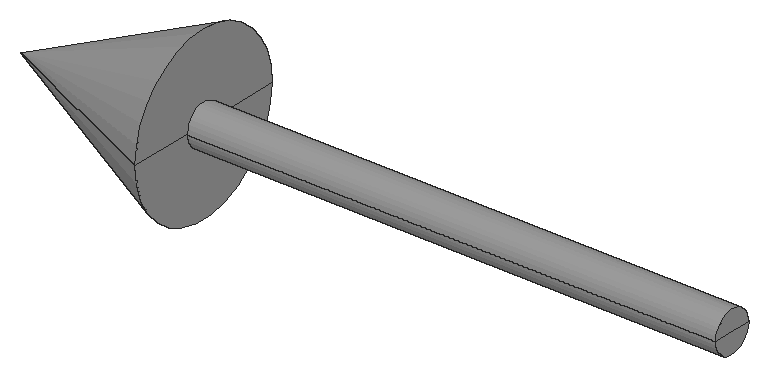
Revit family "NLRS_57_AIR_UN_airflow-arrow-open-end-round-duct-in_sacs", category Air Terminals, Revit 2020
Family settings
  Round Connector Dimension = Use Diameter
  Part Type = Normal
  Work Plane-Based = No
  Always vertical = Yes
  Cut with Voids When Loaded = No
  Shared = No
  Room Calculation Point = No
Parameters (values of type "Size 1")
  URL = "https://solid-air.nl/bim/"
  Size_multiplier = 1
  SACS_Show_Part_2 [instance] = not(SACS_Show_Part_1)  # no
  SACS_Show_Part_1 [instance] = SACS_Array_Count = 1  # yes
  SACS_Offset2 [instance] = SACS_Offset1 * 2  # 50 mm
  SACS_Offset1 [instance] = (NLRS_M_c01_diameter / SACS_Checked_Array_Count) / 2  # 25 mm
  SACS_Checked_Array_Count [instance] = if(SACS_Array_Count < 2, 2, SACS_Array_Count)  # 2
  SACS_Array_Count [instance] = NLRS_M_c01_diameter / (100 mm * Size_multiplier)  # 1
  NLRS_M_c01_diameter [instance] = 100 mm
  NLRS_M_c01_debiet [instance] = 0.0 L/s
  NLRS_C_model = "Airflow arrow - duct IN"  # constant formula
  NLRS_C_description = "Round open end, airflow duct IN"  # constant formula
  NLRS_C_content_versie = "1.20.00"  # constant formula
  NLRS_C_content_provider = "Solid Air Climate Systems"  # constant formula
  NLRS_C_content_datum_uitgifte = "09-06-2023"  # constant formula
  NLRS_C_content_creator = "J. Feeke"  # constant formula
  Model = "Airflow arrow - duct IN"  # constant formula
  Manufacturer = "Solid Air Climate Systems"  # constant formula
  IfcExportType = "OPEN END"  # constant formula
  IfcExportAs = "IfcAirTerminal"  # constant formula
  IfcDescription = Description  # "Round open end, airflow duct IN"
  Description = "Round open end, airflow duct IN"  # constant formula
  Default Elevation = 0 mm
  Assembly Code = "57.00"
Types (4, lengths in mm): name | Size_multiplier | SACS_Show_Part_2 | SACS_Show_Part_1 | SACS_Offset2 | SACS_Offset1 | SACS_Checked_Array_Count | SACS_Array_Count | NLRS_M_c01_diameter
  (no name) | 1 | no | yes | 50 | 25 | 2 | 1 | 100
  Size 1 | 1 | no | yes | 50 | 25 | 2 | 1 | 100
  Size 1.5 | 1.5 | yes | no | 157.5 | 78.75 | 4 | 4 | 630
  Size 2 | 2 | yes | no | 210 | 105 | 3 | 3 | 630
Reference planes
  plane 1 "Center (Front/Back)": y = 0
  plane 2: z = 0
  plane 3 "Center (Left/Right)": x = 0
  plane 4: y = -50
  plane 5: y = 50
  plane 6: y = -25
  plane 7: y = 25
Forms (mm)
  Extrusion 1, solid, not visible
    sketch origin (0, 0, 0) x (0, 1, 0) y (0, 0, 1)
      loop
        circle (0, 0) r 1
    from 0 to -1
  Extrusion 2, solid, material "SACS_Label", not visible
    sketch origin (-547.644, -297.937, 0) x (1, 0, 0) y (0, 1, 0)
      loop
        arc (542.644, 302.937) -> (537.644, 297.937) -> (542.644, 292.937) r 5
        line (542.644, 292.937) -> (542.644, 297.937) -> (547.644, 292.937) -> (547.644, 297.937) -> (542.644, 302.937)
    from 0 to 2
  Extrusion 3, solid, material "SACS_Label", not visible
    sketch origin (0, 0, 0) x (1, 0, 0) y (0, 1, 0)
      loop
        arc (5, -5) -> (10, 0) -> (5, 5) r 5
        line (5, 5) -> (5, 0) -> (0, 5) -> (0, 0) -> (5, -5)
    from 0 to 2
Dimensions and locks
  equal spacing: plane 5, plane 1 "Center (Front/Back)", plane 4
  "NLRS_M_c01_diameter": plane 5 to plane 4
  "SACS_Offset1": plane 6 to plane 4
  group 1 to group 2 = 0 mm  (x2)
  group 1 to group 2 = 50 mm
  "SACS_Offset2": plane 7 to plane 6
  aligned and locked: level to plane 2
  aligned and locked: Extrusion 1 to plane 3 "Center (Left/Right)"
  aligned and locked: level to nested 2
  aligned and locked: plane 3 "Center (Left/Right)" to nested 3
  aligned and locked: plane 1 "Center (Front/Back)" to nested 3
Automatic sketch dimensions
  Extrusion 1 sketch curve to level = 0 mm
  Extrusion 1 sketch curve to plane 1 "Center (Front/Back)" = 0 mm
  plane 1 "Center (Front/Back)" to Extrusion 2 sketch curve = 0 mm  (x3)
  Extrusion 2 sketch curve to plane 3 "Center (Left/Right)" = 0 mm
  Extrusion 2 sketch curve to plane 3 "Center (Left/Right)" = 5 mm
  Extrusion 2 sketch curve to Extrusion 2 sketch curve = 5 mm
  Extrusion 2 sketch curve to Extrusion 2 sketch curve = 0 mm
  plane 1 "Center (Front/Back)" to Extrusion 3 sketch curve = 0 mm  (x3)
  Extrusion 3 sketch curve to plane 3 "Center (Left/Right)" = 0 mm
  Extrusion 3 sketch curve to Extrusion 3 sketch curve = 5 mm  (x2)
  Extrusion 3 sketch curve to plane 1 "Center (Front/Back)" = 5 mm
  radius of Extrusion 1 sketch curve = 1 mm
Nested families
  nested 1: "Arrow_in" at (0, 0, 0), visible <- "SACS_Show_Part_1", type "Arrow_in"
  nested 2: "Arrow_in" at (200, 0, 0) x (-1, 0, 0) z (0, -1, 0), type "Arrow_in"
  nested 3: "arrow_3d_in" at (0, 0, 0), visible <- "SACS_Show_Part_1", type "arrow_3d_in"
  nested 4: "Arrow_in" at (0, -25, 0), visible <- "SACS_Show_Part_2", type "Arrow_in"
  nested 5: "arrow_3d_in" at (0, -25, 0), visible <- "SACS_Show_Part_2", type "arrow_3d_in"
  nested 6: "Arrow_in" at (0, 25, 0), visible <- "SACS_Show_Part_2", type "Arrow_in"
  nested 7: "arrow_3d_in" at (0, 25, 0), visible <- "SACS_Show_Part_2", type "arrow_3d_in"
Connectors
  hvac at (0, 0, 0), driven by "NLRS_M_c01_diameter", driven by "NLRS_M_c01_debiet"
    settings: on Extrusion 1, index 1, duct flow 0.0 L/s, flow factor 0, pres drop 0.0 Pa, loss coef 0, conn angle 0.00°, conn width 304.8 mm, conn height 304.8 mm, conn diameter 100 mm, duct sys type 29, conn prof type 0, flow config 1, flow direction 2, loss method 4, conn ref index -1, conn util no, is conn primary yes, conn desc ""
Definition of nested family "arrow_3d_in"
  Parameters (values of type "arrow_3d_in")
    size_multiplier = 1
    dummy = 1  # constant formula
    Tail_Width = size_multiplier * 5 mm * dummy  # 5 mm
    Tail_End = size_multiplier * 130 mm * dummy  # 130 mm
    Head_Width = size_multiplier * 21 mm * dummy  # 21 mm
    Head_Start = size_multiplier * 25 mm * dummy  # 25 mm
    Head_End = size_multiplier * 45 mm * dummy  # 45 mm
    Default Elevation = 0 mm
  Reference planes
    plane 1 "Center (Front/Back)": y = 0
    plane 2: z = 0
    plane 3 "Center (Left/Right)": x = 0
    plane 4: x = 25
    plane 5: x = 200
    plane 6: x = 70
    plane 7: y = -21
    plane 8: y = -5
  Forms (mm)
    Extrusion 1, solid, not visible
      sketch origin (0, 0, 0) x (0, 1, 0) y (0, 0, 1)
        loop
          circle (0, 0) r 1
      from 0 to -1
    Extrusion 2, solid, not visible
      sketch origin (-547.644, -297.937, 0) x (1, 0, 0) y (0, 1, 0)
        loop
          arc (542.644, 302.937) -> (537.644, 297.937) -> (542.644, 292.937) r 5
          line (542.644, 292.937) -> (542.644, 297.937) -> (547.644, 292.937) -> (547.644, 297.937) -> (542.644, 302.937)
      from 0 to 2
    Extrusion 3, solid, not visible
      sketch origin (0, 0, 0) x (1, 0, 0) y (0, 1, 0)
        loop
          arc (5, -5) -> (10, 0) -> (5, 5) r 5
          line (5, 5) -> (5, 0) -> (0, 5) -> (0, 0) -> (5, -5)
      from 0 to 2
    Revolve 4, solid, detail levels medium+fine
      sketch origin (0, 0, 0) x (1, 0, 0) y (0, 1, 0)
        loop
          line (25, 0) -> (70, -21) -> (70, -5) -> (200, -5) -> (200, 0) -> (25, 0)
        axis (25, 0) -> (200, 0)
      angle from 0 to 360
  Dimensions and locks
    "Head_Start": plane 3 "Center (Left/Right)" to plane 4
    "Head_End": plane 4 to plane 6
    "Tail_Width": plane 8 to plane 1 "Center (Front/Back)"
    "Head_Width": plane 7 to plane 1 "Center (Front/Back)"
    "Tail_End": plane 6 to plane 5
    Extrusion 3 sketch curve to plane 1 "Center (Front/Back)" = 5 mm
    Extrusion 2 sketch curve to plane 1 "Center (Front/Back)" = 5 mm  (x2)
    radius of Extrusion 3 sketch curve = 5 mm
    radius of Extrusion 2 sketch curve = 5 mm
    aligned and locked: level to plane 2
    aligned and locked: Extrusion 1 to plane 3 "Center (Left/Right)"
    aligned and locked: plane 4 to Revolve 4 sketch curve
    aligned and locked: plane 5 to Revolve 4 sketch curve
    aligned and locked: plane 1 "Center (Front/Back)" to Revolve 4 sketch curve
    aligned and locked: Revolve 4 sketch curve to plane 8
    aligned and locked: Revolve 4 sketch curve to plane 5
    aligned and locked: Revolve 4 sketch curve to plane 6
    aligned and locked: plane 7 to Revolve 4 sketch curve
  Automatic sketch dimensions
    Extrusion 1 sketch curve to level = 0 mm
    Extrusion 1 sketch curve to plane 1 "Center (Front/Back)" = 0 mm
    plane 1 "Center (Front/Back)" to Extrusion 2 sketch curve = 0 mm  (x2)
    Extrusion 2 sketch curve to plane 3 "Center (Left/Right)" = 0 mm
    Extrusion 2 sketch curve to plane 3 "Center (Left/Right)" = 5 mm
    plane 1 "Center (Front/Back)" to Extrusion 3 sketch curve = 0 mm  (x2)
    Extrusion 3 sketch curve to plane 3 "Center (Left/Right)" = 0 mm
    Extrusion 3 sketch curve to Extrusion 3 sketch curve = 5 mm
    Extrusion 3 sketch curve to plane 1 "Center (Front/Back)" = 5 mm
    Revolve 4 sketch curve to plane 4 = 0 mm
    plane 1 "Center (Front/Back)" to Revolve 4 sketch curve = 0 mm
    radius of Extrusion 1 sketch curve = 1 mm
Definition of nested family "Arrow_in"
  Parameters (values of type "Arrow_in")
    size_multiplier = 1
    dummy = 1  # constant formula
    Tail_End = size_multiplier * 130 mm * dummy  # 130 mm
    Head_Width = size_multiplier * 21 mm * dummy  # 21 mm
    Head_Start = size_multiplier * 25 mm * dummy  # 25 mm
    Head_End = size_multiplier * 45 mm * dummy  # 45 mm
  Reference planes
    plane 1 "Center (Front/Back)": y = 0
    plane 2: z = 0
    plane 3 "Center (Left/Right)": x = 0
    plane 4: x = 200
    plane 5: y = 21
    plane 6: y = -21
    plane 7: x = 25
    plane 8: x = 70
  Lines and regions (mm)
    Filled region 1, type "Solid Fill - Black", in view "Ref. Level"
      outline origin (224.685, 0, 0) x (0, 1, 0) y (-1, 0, 0)
        loop
          line (0, 200) -> (-21.131, 154.685) -> (21.131, 154.685) -> (0, 200)
    detail lines, in view "Ref. Level"
      curve 1: line (200, 0, 0) -> (70, 0, 0)
  Dimensions and locks
    "Head_Start": plane 3 "Center (Left/Right)" to plane 7
    "Head_End": plane 7 to plane 8
    "Tail_End": plane 8 to plane 4
    "Head_Width": plane 5 to plane 1 "Center (Front/Back)" to plane 6
    aligned and locked: Filled region 1 sketch curve to plane 8
    aligned and locked: plane 8 to curve 1
    aligned and locked: plane 4 to curve 1
    aligned and locked: curve 1 to plane 1 "Center (Front/Back)"
  Automatic sketch dimensions
    plane 1 "Center (Front/Back)" to Filled region 1 sketch curve = 0 mm
    Filled region 1 sketch curve to plane 6 = 0.131 mm
    plane 5 to Filled region 1 sketch curve = 0.131 mm
    Filled region 1 sketch curve to plane 7 = 0.315 mm
